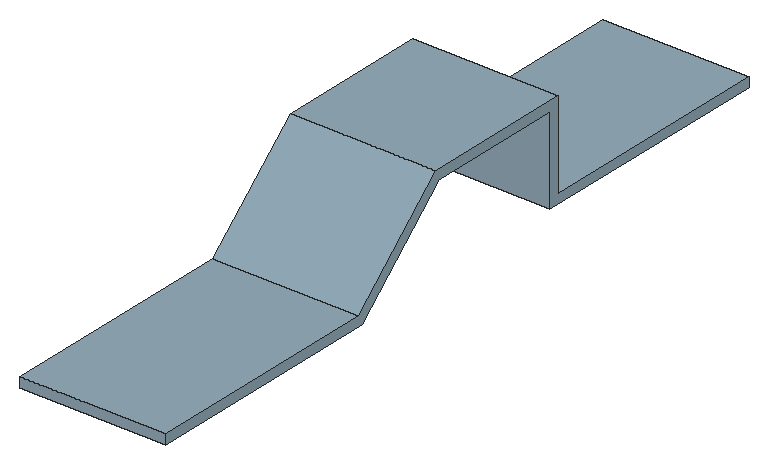
Revit family "PC_PositionPlate_FaceBased", category Generic Models, host Face, Revit 2025
Family settings
  Host = Face
  Can host rebar = No
  Round Connector Dimension = Use Diameter
  Part Type = Normal
  Cut with Voids When Loaded = No
  Maintain Annotation Orientation = No
  Shared = No
  Room Calculation Point = No
Parameters (values of type "标准定位钢片")
  钢片材质 [instance] = 定位钢片_钢材
  钢片总高 [instance] = 下直段 + 下斜升高 + 中直段 + 上直段  # 300 mm
  理想中线长度 [instance] = 下直段 + PP_斜段中线长 + 中直段 + 外凸尺寸 - 板厚 + 上直段  # 349.814 mm
  板宽 [instance] = 60 mm
  板厚 [instance] = 4 mm
  外凸尺寸 [instance] = 40 mm
  名义下料长度 [instance] = 356 mm
  中直段 [instance] = 60 mm
  下直段 [instance] = 100 mm
  下斜升高 [instance] = 40 mm
  上直段 [instance] = 100 mm
  PP_顶点12_轴向 [instance] = 1000 mm + (0 mm)  # 1000 mm
  PP_顶点12_径向 [instance] = 1000 mm + (板厚)  # 1004 mm
  PP_顶点11_轴向 [instance] = 1000 mm + (下直段 - PP_斜接修正)  # 1099.233 mm
  PP_顶点11_径向 [instance] = 1000 mm + (板厚)  # 1004 mm
  PP_顶点10_轴向 [instance] = 1000 mm + (下直段 + 下斜升高 - PP_斜接修正)  # 1139.233 mm
  PP_顶点10_径向 [instance] = 1000 mm + (外凸尺寸)  # 1040 mm
  PP_顶点09_轴向 [instance] = 1000 mm + (下直段 + 下斜升高 + 中直段 + 板厚 / 2)  # 1202 mm
  PP_顶点09_径向 [instance] = 1000 mm + (外凸尺寸)  # 1040 mm
  PP_顶点08_轴向 [instance] = 1000 mm + (下直段 + 下斜升高 + 中直段 + 板厚 / 2)  # 1202 mm
  PP_顶点08_径向 [instance] = 1000 mm + (板厚)  # 1004 mm
  PP_顶点07_轴向 [instance] = 1000 mm + (钢片总高)  # 1300 mm
  PP_顶点07_径向 [instance] = 1000 mm + (板厚)  # 1004 mm
  PP_顶点06_轴向 [instance] = 1000 mm + (钢片总高)  # 1300 mm
  PP_顶点06_径向 [instance] = 1000 mm + (0 mm)  # 1000 mm
  PP_顶点05_轴向 [instance] = 1000 mm + (下直段 + 下斜升高 + 中直段 - 板厚 / 2)  # 1198 mm
  PP_顶点05_径向 [instance] = 1000 mm + (0 mm)  # 1000 mm
  PP_顶点04_轴向 [instance] = 1000 mm + (下直段 + 下斜升高 + 中直段 - 板厚 / 2)  # 1198 mm
  PP_顶点04_径向 [instance] = 1000 mm + (外凸尺寸 - 板厚)  # 1036 mm
  PP_顶点03_轴向 [instance] = 1000 mm + (下直段 + 下斜升高 + PP_斜接修正)  # 1140.767 mm
  PP_顶点03_径向 [instance] = 1000 mm + (外凸尺寸 - 板厚)  # 1036 mm
  PP_顶点02_轴向 [instance] = 1000 mm + (下直段 + PP_斜接修正)  # 1100.767 mm
  PP_顶点02_径向 [instance] = 1000 mm + (0 mm)  # 1000 mm
  PP_顶点01_轴向 [instance] = 1000 mm + (0 mm)  # 1000 mm
  PP_顶点01_径向 [instance] = 1000 mm + (0 mm)  # 1000 mm
  PP_斜段中线长 [instance] = sqrt((外凸尺寸 - 板厚) ^ 2 + 下斜升高 ^ 2)  # 53.814 mm
  PP_斜接修正 [instance] = 板厚 / 2 * (外凸尺寸 - 板厚) / (PP_斜段中线长 + 下斜升高)  # 0.767 mm
  PP_宽度起面 [instance] = -板宽 / 2  # -30 mm
  PP_宽度终面 [instance] = 板宽 / 2  # 30 mm
  Default Elevation = 1219.2 mm
Reference planes
  plane 1 "中心(前/后)": y = 0
  plane 2: z = 0
  plane 3 "中心(左/右)": x = 0
  plane 4 "PP_轴向尺寸固定基准": y = -1000
  plane 5 "PP_径向尺寸固定基准": z = -1000
Forms (mm)
  Extrusion 1, solid, material "定位钢片_钢材" <- "钢片材质"
    sketch origin (0, 0, 0) x (0, 1, 0) y (0, 0, 1)
      loop
        line (0, 0) -> (100.767, 0) -> (140.767, 36) -> (198, 36) -> (198, 0) -> (300, 0) -> (300, 4) -> (202, 4) -> (202, 40) -> (139.233, 40) -> (99.233, 4) -> (0, 4) -> (0, 0)
    from -30 <- "PP_宽度起面" to 30 <- "PP_宽度终面"
Dimensions and locks
  "PP_顶点01_轴向": plane 4 "PP_轴向尺寸固定基准" to Extrusion 1 sketch curve
  "PP_顶点01_径向": plane 5 "PP_径向尺寸固定基准" to Extrusion 1 sketch curve
  "PP_顶点02_轴向": plane 4 "PP_轴向尺寸固定基准" to Extrusion 1 sketch curve
  "PP_顶点03_轴向": plane 4 "PP_轴向尺寸固定基准" to Extrusion 1 sketch curve
  "PP_顶点03_径向": plane 5 "PP_径向尺寸固定基准" to Extrusion 1 sketch curve
  "PP_顶点04_轴向": plane 4 "PP_轴向尺寸固定基准" to Extrusion 1 sketch curve
  "PP_顶点05_径向": plane 5 "PP_径向尺寸固定基准" to Extrusion 1 sketch curve
  "PP_顶点06_轴向": plane 4 "PP_轴向尺寸固定基准" to Extrusion 1 sketch curve
  "PP_顶点07_径向": plane 5 "PP_径向尺寸固定基准" to Extrusion 1 sketch curve
  "PP_顶点08_轴向": plane 4 "PP_轴向尺寸固定基准" to Extrusion 1 sketch curve
  "PP_顶点09_径向": plane 5 "PP_径向尺寸固定基准" to Extrusion 1 sketch curve
  "PP_顶点10_轴向": plane 4 "PP_轴向尺寸固定基准" to Extrusion 1 sketch curve
  "PP_顶点11_轴向": plane 4 "PP_轴向尺寸固定基准" to Extrusion 1 sketch curve
  "PP_顶点11_径向": plane 5 "PP_径向尺寸固定基准" to Extrusion 1 sketch curve
  aligned and locked: plane 2 to host face
  aligned and locked: level to host face
Automatic sketch dimensions
  host sketch curve to host sketch curve = 2438.4 mm  (x2)
  Extrusion 1 sketch curve to level = 0 mm  (x2)
  Extrusion 1 sketch curve to plane 1 "中心(前/后)" = 0 mm
  level to Extrusion 1 sketch curve = 4 mm  (x2)
  Extrusion 1 sketch curve to Extrusion 1 sketch curve = 99.233 mm
  Extrusion 1 sketch curve to Extrusion 1 sketch curve = 1.535 mm  (x2)
  Extrusion 1 sketch curve to Extrusion 1 sketch curve = 40 mm
  level to Extrusion 1 sketch curve = 36 mm
  Extrusion 1 sketch curve to Extrusion 1 sketch curve = 57.233 mm
  Extrusion 1 sketch curve to Extrusion 1 sketch curve = 4 mm  (x2)
  Extrusion 1 sketch curve to Extrusion 1 sketch curve = 98 mm
